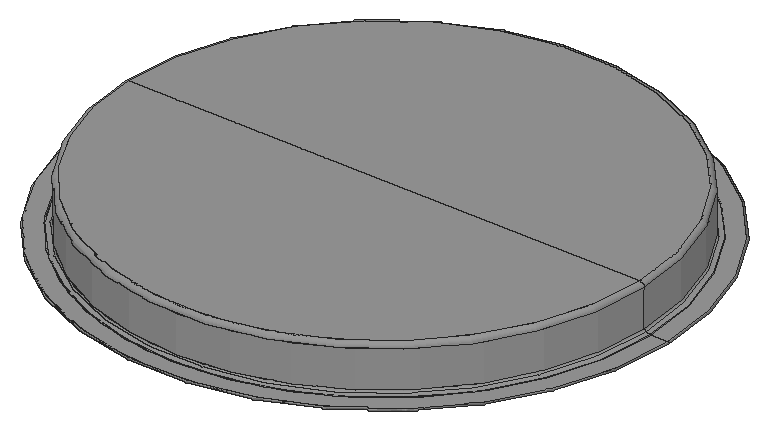
Revit family "MIA13_63_UN_Downlighter_ETK", category Lighting Fixtures, Revit 2017 (continued)
Definition of nested family "MIA.13 - Lightsource"
  Types (8, lengths in mm): name | Wattage | built-in parameter 1150134 | Photometric Web File | built-in parameter 1150142 | built-in parameter 1150105 | Lumens | built-in parameter 1150107 | built-in parameter 1150106
      70.8884 165.4661 159.6765 \r\n154.0902 148.9101 143.8315 138.9796 134.5183 130.0492 \r\n124.666 118.9624 113.2042 107.3834 101.5314 95.8903 90.9915 \r\n86.1005 80.9829 75.67 70.3414 64.966 59.575 54.1761 48.7694 \r\n43.3784 38.1358 33.4948 28.8538 24.1113 19.3062 14.6105 \r\n10.4461 6.6411 3.7425 2.8987 2.8362 2.7737 \r\n345.652 346.9724 346.7615 346.0974 344.9019 343.48 342.5268 \r\n342.2064 342.0111 341.9095 341.9408 341.972 340.9251 \r\n339.6828 338.0186 335.7997 333.2839 331.0337 329.3226 \r\n327.674 326.3927 325.502 324.5332 322.7283 320.6813 318.228 \r\n315.2434 312.0009 308.8601 305.9536 303.0471 300.6719 \r\n298.5389 296.3357 293.7495 290.9993 288.0381 284.7644 \r\n281.3267 277.6076 273.2479 268.8804 265.2082 261.7626 \r\n258.4733 255.4184 252.5041 249.1757 244.9879 240.6204 \r\n235.9637 230.8227 225.6895 221.1032 216.6966 212.5166 \r\n208.6726 205.0473 201.1642 196.3982 191.64 186.5146 \r\n181.1313 175.7481 170.6618 165.7083 160.8094 155.9809 \r\n151.1759 146.2614 140.972 135.6825 130.4321 125.1973 \r\n119.8844 114.2746 108.4772 102.7971 97.3826 92.0775 86.8896 \r\n82.0298 77.1779 71.8181 66.2317 60.661 55.2153 49.8789 \r\n44.5504 39.2531 33.9636 29.0882 24.6894 20.361 15.8684 \r\n11.2978 6.7193 2.133 0 0 0 \r\n345.652 344.9176 345.3629 345.9489 346.1286 345.8005 \r\n345.1988 344.23 342.5971 340.9876 339.6359 338.4874 \r\n337.4326 336.9873 336.7138 336.0966 335.0496 333.737 \r\n332.0416 329.5336 327.0255 324.2831 321.4626 318.9312 \r\n317.2748 316.0091 314.5011 312.626 310.5633 308.1256 \r\n304.977 301.8361 298.1014 294.1949 290.6399 287.7569 \r\n285.2567 282.7018 279.9984 277.2404 274.0761 270.3649 \r\n266.6536 262.6533 258.5749 254.4183 250.1602 245.8395 \r\n241.6986 238.1124 234.5261 230.8462 227.1115 223.244 \r\n218.6733 213.7667 208.7116 203.4143 198.0389 192.9057 \r\n188.4757 184.0534 179.8891 175.8497 171.5681 166.5208 \r\n160.9501 155.3168 149.5351 143.7612 138.3233 133.6354 \r\n128.9554 123.8612 118.5874 113.2042 107.6412 101.9533 \r\n96.3825 91.2649 86.1786 80.811 75.1543 69.4664 64.1066 \r\n58.9265 53.7229 48.4804 43.2299 38.0577 33.3229 28.5882 \r\n23.7284 18.7827 13.923 9.8133 6.2505 3.4846 2.5627 2.594 \r\n2.6252 \r\n345.652 346.4568 346.5193 346.488 346.1442 345.2848 \r\n344.1519 342.9018 341.4329 340.0188 339.1671 338.9874 \r\n338.7843 338.2374 337.5889 336.5732 335.034 333.2057 \r\n331.1977 328.7288 326.2521 324.0722 322.0408 320.1031 \r\n318.5327 317.1185 315.4778 313.462 311.2353 308.6647 \r\n305.2348 301.797 298.2811 294.7262 291.4681 288.9132 \r\n286.7958 284.4363 281.5845 278.5686 275.209 271.1852 \r\n267.1693 262.708 258.0827 253.7855 250.082 246.8005 \r\n243.4409 239.8312 236.2138 232.1041 227.5803 223.0096 \r\n218.5796 214.2199 209.6648 204.7582 199.6406 194.6558 \r\n190.2649 185.8661 181.6001 177.4045 173.0682 168.0444 \r\n162.5518 156.981 151.2384 145.4411 139.7765 134.5808 \r\n129.3851 124.4785 119.7359 114.8605 109.5945 103.9847 \r\n98.3202 92.4838 86.6005 81.1079 76.1544 71.2712 66.177 \r\n60.9657 55.7387 50.4727 45.1832 39.9641 35.3153 30.6743 \r\n25.838 20.8141 15.7903 11.4384 7.6022 3.7659 0 0 0 \r\n345.652 344.3941 343.5112 342.683 342.5346 342.9409 \r\n343.4409 343.6206 343.4018 343.0815 341.9017 340.4485 \r\n338.7765 336.6591 334.4324 332.8698 331.9322 331.0649 \r\n330.1195 329.0726 328.0334 326.0723 324.0409 321.6736 \r\n318.8999 315.9544 313.1104 310.3758 307.7506 305.5395 \r\n303.719 301.8283 299.1171 296.3044 293.2651 289.9914 \r\n286.5771 282.8893 278.7718 274.7402 271.3415 268.31 \r\n265.3098 262.4111 259.5437 256.1059 252.0353 247.6912 \r\n243.1206 238.1592 233.1979 229.1507 225.3223 221.4939 \r\n217.6108 213.7198 209.4773 204.766 199.9297 194.8824 \r\n189.5304 184.1785 179.4125 174.7637 170.0914 165.3879 \r\n160.661 155.7934 150.629 145.4723 140.4016 135.4246 \r\n130.3774 124.6113 118.6421 112.876 107.3756 102.0314 \r\n96.8904 92.2181 87.5459 82.233 76.6388 71.0134 65.4192 \r\n59.8484 54.3792 49.082 43.8941 38.9249 34.4558 29.9867 \r\n25.1113 20.0953 15.2746 10.9149 6.8521 3.8362 3.0393 2.6096 \r\n2.1799 \r\n345.652 343.1909 343.1362 343.4175 343.8941 344.4488 \r\n344.6363 344.2456 343.5503 342.5033 340.6047 338.6983 \r\n337.167 335.7762 334.6277 333.9792 333.6354 332.9557 \r\n331.5493 329.9555 327.9787 325.3379 322.7049 320.0719 \r\n317.4389 315.0559 313.1182 311.4775 309.7195 307.5553 \r\n305.391 302.8127 299.9062 296.9138 293.1948 289.1085 \r\n285.3504 282.1627 279.3187 276.4591 273.537 270.6227 \r\n267.3725 263.9269 260.2703 255.9575 251.1915 246.5896 \r\n242.3392 238.2452 234.3621 231.1118 227.8616 223.9237 \r\n219.6422 215.1106 210.1883 204.9301 199.7969 195.1168 \r\n190.5149 185.9833 181.5454 177.1232 172.3728 167.435 \r\n162.3486 156.981 151.379 145.8551 140.886 135.9169 130.7915 \r\n125.5332 120.2438 114.9777 109.7117 104.5316 99.5312 \r\n94.6246 89.6008 83.8034 77.9983 72.4353 67.0365 61.7939 \r\n56.981 52.5822 48.0506 42.9877 37.7451 32.5338 27.4162 \r\n22.3142 17.4936 12.8682 8.2897 3.7112 0 0 0 \r\n345.652 345.9255 345.8239 345.6676 345.1129 343.9878 \r\n342.5736 341.2767 340.2297 339.2531 338.7999 338.8624 \r\n338.8468 338.0498 337.0263 335.6903 333.948 331.9869 \r\n329.807 327.1506 324.4863 322.8143 321.5564 320.2985 \r\n318.8452 317.3139 315.3528 312.7588 309.8914 306.7271 \r\n302.9534 299.1796 296.281 293.6636 291.1946 288.9054 \r\n286.7255 284.1472 280.7485 277.1779 273.2479 268.7632 \r\n264.2785 260.4735 256.8873 253.4104 250.0977 246.8865 \r\n243.4565 239.2999 235.1356 230.8852 226.5646 222.1814 \r\n217.3607 212.3291 207.5162 203.094 198.9452 195.1715 \r\n192.7104 190.2571 187.8037 185.3426 180.6704 172.7869 \r\n163.2315 155.1449 149.9805 144.8238 139.8078 134.909 \r\n130.0102 125.1582 120.3219 115.1809 109.6258 103.8831 \r\n98.203 92.6791 87.1552 82.2408 77.592 72.8885 67.8491 \r\n62.6533 57.4029 52.0822 46.7458 41.4876 36.3935 31.2993 \r\n26.8068 22.533 18.3217 14.173 10.0555 6.7583 5.1801 3.8597 \r\n2.5393 \r\n345.652 345.8395 345.402 344.816 343.7925 342.5502 341.6048 \r\n341.1204 340.8782 340.6516 340.4641 340.2766 339.4718 \r\n338.3936 337.1045 335.3465 333.276 331.1821 329.057 326.963 \r\n325.2207 324.2597 323.2987 321.8689 320.2438 318.2983 \r\n315.7512 312.751 309.6414 306.1411 302.6174 299.8516 \r\n297.8592 295.9528 293.6323 291.1009 288.3038 285.0223 \r\n281.397 277.6467 273.287 268.9194 265.091 261.6298 258.278 \r\n255.059 251.9337 248.5897 244.7222 240.6047 236.4482 \r\n232.1197 227.7912 223.0956 218.1733 213.3135 208.8054 \r\n204.6332 200.4922 196.4997 192.5385 188.1788 183.1706 \r\n178.0764 172.6307 166.974 161.497 156.52 151.9962 147.449 \r\n142.6361 137.8155 132.7526 127.4396 122.0642 116.4857 \r\n110.7274 105.1488 100.0156 95.2184 90.4055 85.3739 80.3344 \r\n75.1856 69.9273 64.7004 59.8015 55.2465 50.6055 45.6129 \r\n40.4485 35.3856 30.6508 25.9552 21.6736 17.7123 13.8448 \r\n9.9773 6.1099 2.2424 0 \r\n345.652 342.644 342.5815 342.894 343.2456 343.6362 343.8862 \r\n343.6675 342.894 342.0267 340.4172 338.6436 336.9326 \r\n335.3543 333.8073 332.7291 332.0884 331.3696 330.2836 \r\n328.7991 327.3146 325.0332 322.7362 320.2125 317.4389 \r\n314.5715 312.0088 309.8133 307.6334 305.5551 303.5472 \r\n301.4689 298.9218 296.3122 293.1323 289.3976 285.4442 \r\n281.5532 277.7483 274.0527 271.1774 268.6929 265.9973 \r\n262.6455 259.1218 255.2699 251.0821 246.7302 242.1283 \r\n237.1513 232.1666 228.3772 224.7988 221.0954 217.1498 \r\n213.0948 208.7507 204.0003 199.2187 194.5074 189.8742 \r\n185.241 179.9906 174.6465 169.4976 164.63 159.9031 155.3168 \r\n150.9805 146.5818 141.6126 136.1825 130.7133 125.002 \r\n119.2124 113.6183 108.2506 103.0471 98.1249 93.7964 89.4601 \r\n84.3582 78.9905 73.6386 68.4428 63.3018 58.3796 53.762 \r\n49.2226 44.6285 39.9484 35.2606 30.6274 26.002 21.6111 \r\n17.6654 13.9855 10.579 7.7272 4.9457 2.1564 \r\n345.652 343.269 342.6518 342.2533 342.4096 342.9096 \r\n343.3081 343.3393 343.0268 342.5971 341.1517 339.6437 \r\n337.8936 335.8622 333.7683 332.5104 331.9244 331.2603 \r\n330.4086 329.4085 328.3069 326.0645 323.83 321.3298 \r\n318.6186 315.845 313.1573 310.5633 308.0944 306.1099 \r\n304.3597 302.4611 300.0781 297.6404 294.5308 290.8977 \r\n287.0927 283.1862 279.1702 275.2559 272.201 269.3492 \r\n266.4271 263.3956 260.3328 256.7076 252.5666 248.2616 \r\n243.6753 238.7843 233.9011 230.182 226.4943 222.7127 \r\n218.8296 214.884 210.618 205.9458 201.2657 196.5857 191.89 \r\n187.1396 181.9048 176.6154 171.5993 166.8568 162.1767 \r\n157.3326 152.2228 147.1443 142.2924 137.5342 132.5807 \r\n127.0177 121.2985 115.7981 110.5321 105.4223 100.5938 \r\n96.2106 91.8197 86.6318 81.2954 75.9825 70.7243 65.4973 \r\n60.6297 56.2466 51.8947 47.4334 42.8627 38.2921 33.737 \r\n29.1898 24.7519 20.4469 16.2044 11.9697 7.7272 3.4925 0 \r\n345.652 344.3628 344.5191 344.8629 344.7222 344.1206 \r\n343.269 342.0502 340.2844 338.628 337.7764 337.2842 336.831 \r\n336.4638 336.12 335.2606 333.862 332.2291 330.2992 327.9475 \r\n325.5957 323.1815 320.7594 318.6499 317.0716 315.7122 \r\n314.1574 312.3603 310.3992 307.8756 304.7113 301.5548 \r\n297.7811 293.9136 290.4446 287.4756 284.7644 282.1861 \r\n279.8422 277.4045 274.2089 270.4196 266.5443 262.122 \r\n257.5436 253.301 249.457 245.7926 242.1595 238.5733 \r\n234.9793 230.9165 226.7052 222.4549 218.1733 213.8761 \r\n209.2038 204.0003 198.7108 193.7417 189.3195 184.8973 \r\n180.3344 175.7325 171.0915 166.3958 161.6611 156.6294 \r\n150.9884 145.316 139.8469 134.6355 129.4164 124.8301 \r\n120.4391 115.759 110.6571 105.3051 99.9141 94.4293 88.9444 \r\n83.4987 78.0764 72.7791 68.2866 64.1769 59.8172 55.0668 \r\n50.1524 45.316 40.7297 36.1356 32.0025 28.0803 24.1816 \r\n20.2516 16.2903 12.4619 8.9226 5.4536 1.9923 \r\n345.652 346.3786 346.5661 346.7146 347.0193 347.3865 \r\n347.4412 346.9959 346.2614 345.2067 343.2299 341.2454 \r\n339.4718 337.7842 336.3388 335.5106 335.0809 334.3542 \r\n333.0026 331.4478 329.5336 326.8068 324.0878 321.072 \r\n317.9311 315.1652 313.1495 311.6806 310.0477 307.86 \r\n305.6333 302.8127 299.4218 295.945 292.2338 288.3975 \r\n284.7176 281.3423 278.1545 275.0059 272.0681 269.1304 \r\n265.5911 261.6611 257.6061 253.3948 249.0585 244.691 \r\n240.2453 235.784 231.4321 227.5334 223.6347 219.7125 \r\n215.7903 211.6337 206.8834 201.6017 196.3122 190.968 \r\n185.6161 180.7251 176.5529 172.4666 167.8256 162.8565 \r\n157.7389 152.4103 146.8865 141.3392 135.5887 129.8383 \r\n124.6738 120.1031 115.6575 110.8602 105.7739 100.7266 \r\n95.7653 90.8587 85.8739 80.186 74.4902 69.107 63.9581 \r\n58.9421 54.1917 49.7148 45.277 41.0188 36.8466 32.5807 \r\n28.0647 23.5175 19.3218 15.384 11.704 8.5632 6.0161 3.469 \r\n0.9219 \r\n345.652 348.9491 349.0663 348.7851 348.2381 347.1287 \r\n345.6754 344.3003 343.0815 341.9252 341.1595 341.0345 \r\n340.9173 340.1828 339.2374 337.9561 336.1513 333.987 \r\n331.7525 329.2601 326.7599 324.6972 322.9627 321.2673 \r\n319.5718 317.8686 315.9934 313.8292 311.454 308.8288 \r\n305.2035 301.5704 297.9452 294.6793 291.6478 288.7335 \r\n285.9598 283.3268 280.6 277.4904 274.2558 270.6696 266.3099 \r\n261.8564 257.4185 252.9963 248.7772 245.0895 241.972 \r\n238.7608 234.9246 230.9946 226.7521 222.0955 217.3373 \r\n212.1572 206.6099 201.2735 196.5622 192.4135 188.2569 \r\n183.7722 179.2874 174.4511 169.2867 164.0284 158.9577 \r\n154.098 149.121 143.6597 137.9014 132.2603 127.1037 \r\n122.0095 117.1967 112.626 108.0241 102.9768 97.3357 91.7181 \r\n86.2489 80.8344 75.4981 70.3414 65.2238 60.5047 56.1763 \r\n51.8634 47.3474 42.5893 37.8233 33.2526 28.7054 24.4316 \r\n20.5329 16.7904 13.1651 9.6961 6.227 2.7658 0 \r\n345.652 345.4411 345.9333 346.5193 346.8787 347.0506 \r\n347.0115 346.4411 345.2379 343.9566 342.1361 340.1672 \r\n338.4796 337.292 336.245 335.3387 334.5808 333.7058 \r\n332.4557 330.7837 329.1116 326.2442 323.3378 320.4625 \r\n317.6264 314.8215 312.4697 310.6805 308.8366 306.7974 \r\n304.5941 302.2736 298.9296 295.4684 291.6947 287.6084 \r\n283.5143 279.9828 277.3264 274.6308 271.6618 268.56 \r\n265.2629 261.3251 257.2076 252.7932 248.0663 243.3237 \r\n238.878 234.8855 230.893 227.0099 223.1346 219.0718 \r\n214.6418 210.0633 205.4457 200.7813 196.0466 191.0149 \r\n185.6317 180.2485 175.4356 170.7086 166.1067 161.6611 \r\n157.2779 152.5041 146.9959 141.4798 135.9091 130.2992 \r\n124.7051 119.3531 114.0636 109.0788 104.4847 99.9922 \r\n95.1793 89.6711 84.1628 78.6468 73.1229 67.7787 62.9815 \r\n58.4343 53.887 49.3398 44.7769 40.1438 35.3934 30.6352 \r\n26.3067 22.1111 18.0483 14.1808 10.4383 7.3053 5.4145 \r\n3.6565 1.8908 \r\n345.652 347.2615 347.7615 348.0897 347.699 346.9568 \r\n345.9411 344.4332 342.6674 341.1126 340.3703 339.6281 \r\n339.1827 338.8937 338.4952 337.4561 335.9716 334.2136 \r\n331.8306 329.221 326.6818 324.3691 322.0564 320.3532 \r\n318.9468 317.4467 315.5168 313.2432 310.8446 308.0397 \r\n305.1645 301.9064 298.1327 294.2964 291.1399 288.3819 \r\n285.6239 282.8033 279.9281 276.9982 273.6229 270.2477 \r\n266.2161 261.5986 256.8638 252.426 248.2225 244.2535 \r\n240.8782 237.8545 234.698 230.5571 226.4083 221.7595 \r\n216.7357 211.5634 206.2583 200.8126 195.6247 191.3821 \r\n187.499 183.405 178.8187 174.162 169.0913 163.7159 158.3405 \r\n153.1448 148.1522 143.1206 137.7529 132.3307 127.0724 \r\n122.0486 117.0873 112.2275 107.4615 102.5471 97.242 91.5462 \r\n85.8583 80.4594 75.0527 69.7789 64.6222 59.5437 54.7387 \r\n50.2539 45.7067 40.9173 35.9637 31.0259 26.1739 21.322 \r\n17.0873 13.4229 9.9617 6.4927 3.0315 0 0 \r\n345.652 346.7693 345.8473 344.6754 344.1831 344.0816 \r\n344.0503 344.1128 344.23 344.23 343.1987 342.1439 340.5344 \r\n338.4093 336.1669 334.1042 332.1822 330.4633 329.2367 \r\n328.3069 327.2834 325.5176 323.7597 321.6111 318.9155 \r\n316.0169 313.0401 309.9852 307.0084 304.3675 302.0783 \r\n299.7812 297.3748 294.9527 292.1009 288.7413 285.1395 \r\n281.4204 277.4904 273.5761 269.7789 266.0677 262.4189 \r\n259.028 255.7153 252.3557 248.9413 245.402 241.4095 236.581 \r\n231.7525 226.7208 221.6345 216.8841 212.9385 209.3445 \r\n205.391 200.9219 196.3044 191.5071 186.4364 181.3579 \r\n175.8262 170.193 164.841 159.9656 155.3559 150.6446 \r\n145.7379 140.8001 135.7059 130.4477 125.2051 120.2203 \r\n115.3059 110.1414 104.6097 98.8984 93.2807 87.8975 82.5143 \r\n77.5217 72.7088 67.8491 62.6768 57.356 52.1213 47.0271 \r\n41.9798 36.9169 31.8072 26.7052 22.2517 18.0405 14.0792 \r\n10.6336 7.5084 5.0707 4.0784 3.3596 2.6486 \r\n345.652 344.7222 344.7613 344.941 345.2535 345.6286 \r\n345.6676 345.191 344.4566 343.4487 341.7533 340.0578 \r\n338.2764 336.456 334.8934 333.948 333.401 332.6666 331.5728 \r\n330.3461 328.6741 326.1505 323.6268 320.611 317.4154 \r\n314.4699 312.0244 309.9227 307.8756 306.063 304.2503 \r\n301.7814 298.7343 295.5856 291.9525 288.085 284.3503 \r\n280.8344 277.467 274.1777 271.2399 268.3022 264.9738 \r\n261.411 257.7389 253.8636 249.8476 245.6129 240.8938 \r\n236.0106 231.3149 227.3303 223.3378 219.3062 215.259 \r\n211.1337 206.8365 202.383 197.742 192.4135 186.9365 \r\n181.5845 176.42 171.2712 166.8255 162.794 158.5514 153.762 \r\n148.5116 143.2221 137.6045 131.9712 126.5568 121.3376 \r\n116.1653 110.9071 105.5864 100.2578 94.9059 89.5304 84.1394 \r\n78.5999 73.0682 67.8256 62.8018 57.8248 52.6916 47.41 \r\n42.183 37.1201 32.1431 27.299 22.8299 18.4077 14.1417 \r\n10.0008 5.8833 1.7736 0 0 0 \r\n345.652 344.8238 345.2457 345.8317 346.0583 345.9098 \r\n345.527 344.7066 343.1987 341.6673 339.9719 338.1827 \r\n336.6513 336.0263 335.6512 334.9793 333.9792 332.7604 \r\n331.1274 328.8069 326.4864 323.7206 320.8688 318.2671 \r\n316.1888 314.3371 312.4541 310.5477 308.5788 306.3599 \r\n303.7894 301.2188 297.4373 293.4526 289.6242 286.0458 \r\n282.5924 279.3734 276.5841 273.787 270.8258 267.7319 \r\n264.5207 260.2625 255.6997 251.129 246.5427 242.0189 \r\n237.8701 234.5886 231.3149 227.4475 223.3456 219.064 \r\n214.2824 209.2742 204.3128 199.4218 194.5621 189.7414 \r\n185.0066 180.2719 175.5528 170.8415 165.9739 160.8173 \r\n155.4887 150.2617 145.2535 140.2453 135.0262 129.4867 \r\n123.9472 118.6343 113.3995 108.2272 103.1643 98.1639 \r\n92.9604 87.1162 81.272 75.545 69.9039 64.38 59.6062 55.1996 \r\n50.5508 45.4879 40.2141 34.9168 29.5336 24.1503 19.1109 \r\n14.2355 9.8523 6.8677 4.8363 3.3596 3.1252 3.2815 3.4378 \r\n345.652 345.8708 344.8082 343.8706 343.2768 342.8237 \r\n342.7455 343.1206 343.3393 342.9643 342.1283 341.1829 \r\n339.4406 337.5967 335.5653 333.3542 331.1821 329.6117 \r\n328.9319 328.1741 326.7755 325.0801 323.2284 320.9157 \r\n318.478 315.6418 312.3916 309.1413 306.3052 304.0863 \r\n301.8673 299.75 297.6561 295.1949 292.1009 288.7413 \r\n285.0535 280.936 276.8498 273.1542 269.9352 266.724 \r\n263.6065 260.5047 257.0982 253.2854 249.246 244.9019 
      \r\n239.9797 235.1043 230.604 226.3927 222.2283 218.3452 \r\n214.5402 210.4461 206.0005 201.3829 196.7497 192.0853 \r\n187.4131 182.1705 176.7326 171.3806 166.3724 161.5126 \r\n156.8326 152.4103 147.9725 143.0659 137.2842 131.4946 \r\n125.6114 119.7047 113.8995 108.321 102.8674 97.617 92.7729 \r\n87.9366 82.8112 77.2717 71.7322 66.0911 60.411 54.9809 \r\n49.9492 45.152 40.2844 35.2059 30.1352 25.0801 20.0484 \r\n15.134 11.0477 7.3678 3.6878 0 0 0 0 \r\n345.652 347.0896 345.9958 344.5816 343.4253 342.6049 \r\n341.972 341.6517 341.8939 342.0658 341.6517 340.7532 \r\n339.7297 337.8467 335.7294 333.5495 331.2993 329.096 \r\n327.3224 326.4552 325.5879 324.1034 322.4002 320.4625 \r\n317.9076 315.0715 312.1025 308.9382 305.7895 302.9221 \r\n300.6016 298.2811 295.8591 293.4135 290.7962 287.8741 \r\n284.7801 281.2798 276.9357 272.5525 268.4975 264.8801 \r\n261.2626 257.8561 254.5121 251.0977 247.574 243.9566 \r\n240.0031 235.0496 230.1039 225.2129 220.361 215.634 \r\n211.7431 208.2428 204.3988 199.9687 195.234 190.3586 \r\n185.0379 179.7094 174.623 169.6304 164.6769 159.7859 \r\n154.9262 149.9961 144.9019 139.7453 134.448 128.8304 \r\n123.2206 117.7983 112.4619 107.0709 101.547 95.9137 90.3196 \r\n84.8348 79.3578 74.1777 69.2945 64.4503 59.1843 53.7073 \r\n48.2538 42.8393 37.4717 32.2291 27.6193 23.0096 18.3374 \r\n13.6183 9.1648 6.2505 4.4535 3.0862 2.7111 2.8049 2.8987 \r\n" | 143.24 (stored number, unit not read) | 1800 lm | 3000 (stored number, unit not read) | 1.4324 (stored number, unit not read)
